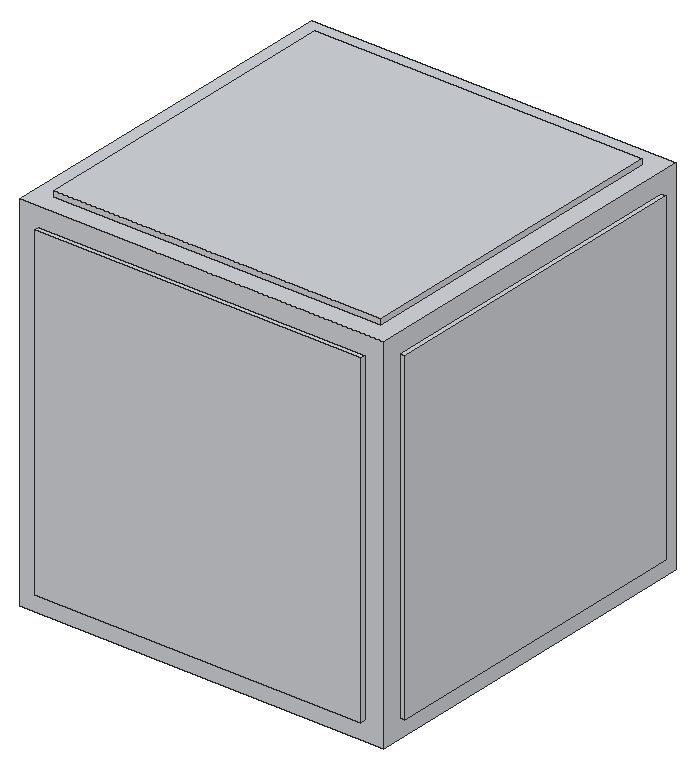
Revit family "Baza_01", category Generic Models, Revit 2026
Family settings
  Can host rebar = No
  Round Connector Dimension = Use Diameter
  Part Type = Undefined
  Always vertical = No
  Cut with Voids When Loaded = No
  Maintain Annotation Orientation = No
  Shared = Yes
  Room Calculation Point = No
Parameters (values of type "1")
  a = 960 mm  # constant formula
  Vis_Face_6 = yes
  Vis_Face_5 = yes
  Vis_Face_4 = yes
  Vis_Face_3 = yes
  Vis_Face_2 = yes
  Vis_Face_1 = yes
  Material_Face_6 = none
  Material_Face_5 = none
  Material_Face_4 = none
  Material_Face_3 = none
  Material_Face_2 = none
  Material_Face_1 = none
  Face_Thickness = 0 mm
  Default Elevation = 0 mm
  Cubelet_Type = ""
  Cube_Size_Z = 0 mm
  Cube_Size_Y = 0 mm
  Cube_Size_X = 0 mm
  Cube_Description = ""
Reference planes
  plane 1 "Center (Front/Back)": y = 0
  plane 2 "Center (Left/Right)": x = 0
Dimensions and locks
  aligned and locked: nested 1 to plane 1 "Center (Front/Back)"
  aligned and locked: plane 2 "Center (Left/Right)" to nested 1
Nested families
  nested 1: "Kostka_01" at (0, 0, 0), type "Typ_01"
    with a_okladzina 860 mm, a 960 mm
Definition of nested family "Kostka_01"
  Parameters (values of type "Typ_01")
    h_okladzina = 15 mm
    a_okladzina = a - 100 mm  # 850 mm
    a = 950 mm
    Vis_Face_6 = yes
    Vis_Face_5 = yes
    Vis_Face_4 = yes
    Vis_Face_3 = yes
    Vis_Face_2 = yes
    Vis_Face_1 = yes
    Material_Face_6 = none
    Material_Face_5 = none
    Material_Face_4 = none
    Material_Face_3 = none
    Material_Face_2 = none
    Material_Face_1 = none
    Face_Thickness = 0 mm
    Default Elevation = 0 mm
    Cubelet_Type = ""
    Cube_Size_Z = 0 mm
    Cube_Size_Y = 0 mm
    Cube_Size_X = 0 mm
    Cube_Description = ""
  Reference planes
    plane 1 "Center (Front/Back)": y = 0
    plane 2: z = 0
    plane 3 "Center (Left/Right)": x = 0
    plane 4: x = -475
    plane 5: x = 475
    plane 6: y = 475
    plane 7: y = -475
    plane 8: z = 475
    plane 9: z = -475
  Forms (mm)
    Extrusion 1, solid
      sketch origin (0, 0, 0) x (1, 0, 0) y (0, 1, 0)
        loop
          line (-475, 475) -> (-475, -475) -> (475, -475) -> (475, 475) -> (-475, 475)
      from -475 to 475
  Dimensions and locks
    equal spacing: plane 4, plane 3 "Center (Left/Right)", plane 5
    equal spacing: plane 6, plane 1 "Center (Front/Back)", plane 7
    "a": plane 4 to plane 5
    "a": plane 6 to plane 7
    equal spacing: plane 8, level, plane 9
    "a": plane 8 to plane 9
    aligned and locked: level to plane 2
    aligned and locked: Extrusion 1 sketch curve to plane 5
    aligned and locked: Extrusion 1 sketch curve to plane 6
    aligned and locked: plane 4 to Extrusion 1 sketch curve
    aligned and locked: plane 7 to Extrusion 1 sketch curve
    aligned and locked: plane 8 to Extrusion 1
    aligned and locked: Extrusion 1 to plane 9
    aligned and locked: nested 1 to level
    aligned and locked: nested 5 to level
    aligned and locked: plane 1 "Center (Front/Back)" to nested 6
    aligned and locked: nested 3 to plane 1 "Center (Front/Back)"
    aligned and locked: nested 2 to plane 1 "Center (Front/Back)"
    aligned and locked: nested 2 to level
    aligned and locked: plane 1 "Center (Front/Back)" to nested 4
    aligned and locked: nested 4 to level
    aligned and locked: nested 5 to plane 3 "Center (Left/Right)"
    aligned and locked: nested 1 to plane 3 "Center (Left/Right)"
    aligned and locked: nested 3 to plane 3 "Center (Left/Right)"
    aligned and locked: nested 6 to plane 3 "Center (Left/Right)"
  Nested families
    nested 1: "Family3" at (0, -475, 0) x (1, 0, 0) z (0, -1, 0), visible <- "Vis_Face_2", type "Y-"
      with h 15 mm, a 850 mm
    nested 2: "Family3" at (475, 0, 0) x (0, 1, 0) z (1, 0, 0), visible <- "Vis_Face_4", type "X+"
      with h 15 mm, a 850 mm
    nested 3: "Family3" at (0, 0, 475) x (-1, 0, 0) z (0, 0, 1), visible <- "Vis_Face_5", type "Z+"
      with h 15 mm, a 850 mm
    nested 4: "Family3" at (-475, 0, 0) x (0, -1, 0) z (-1, 0, 0), visible <- "Vis_Face_3", type "X-"
      with h 15 mm, a 850 mm
    nested 5: "Family3" at (0, 475, 0) x (-1, 0, 0) z (0, 1, 0), visible <- "Vis_Face_1", type "Y+"
      with h 15 mm, a 850 mm
    nested 6: "Family3" at (0, 0, -475) x (-1, 0, 0) z (0, 0, -1), visible <- "Vis_Face_6", type "Z-"
      with h 15 mm, a 850 mm
  Definition of nested family "Family3"
    Parameters (values of type "Family3")
      h = 621.895 mm
      a = 80 mm
      Mat_01 = none
      Default Elevation = 1219.2 mm
    Reference planes
      plane 1 "Center (Front/Back)": y = 0
      plane 2: z = 0
      plane 3 "Center (Left/Right)": x = 0
      plane 4: x = -40
      plane 5: y = 40
      plane 6: x = 40
      plane 7: y = -40
      plane 8: z = 621.895
    Forms (mm)
      Extrusion 1, solid
        sketch origin (0, 0, 0) x (1, 0, 0) y (0, 1, 0)
          loop
            line (-1219.2, 1219.2) -> (-1219.2, -1219.2) -> (1219.2, -1219.2) -> (1219.2, 1219.2) -> (-1219.2, 1219.2)
        from 0 to -304.8
      Extrusion 2, solid, material <- "Mat_01"
        sketch origin (0, 0, 0) x (1, 0, 0) y (0, 1, 0)
          loop
            line (-40, 40) -> (-40, -40) -> (40, -40) -> (40, 40) -> (-40, 40)
        from 0 to 621.895
    Dimensions and locks
      equal spacing: plane 4, plane 3 "Center (Left/Right)", plane 6
      equal spacing: plane 5, plane 1 "Center (Front/Back)", plane 7
      "a": plane 4 to plane 6
      "a": plane 5 to plane 7
      "h": plane 8 to level
      aligned and locked: plane 2 to Extrusion 1
      aligned and locked: level to Extrusion 1
      aligned and locked: Extrusion 2 to level
      aligned and locked: Extrusion 2 to plane 4
      aligned and locked: plane 5 to Extrusion 2
      aligned and locked: plane 6 to Extrusion 2
      aligned and locked: plane 7 to Extrusion 2
      aligned and locked: plane 8 to Extrusion 2
    Automatic sketch dimensions
      Extrusion 1 sketch curve to Extrusion 1 sketch curve = 2438.4 mm  (x2)
      Extrusion 2 sketch curve to plane 7 = 0 mm
      Extrusion 2 sketch curve to plane 3 "Center (Left/Right)" = 40 mm
      Extrusion 2 sketch curve to plane 6 = 0 mm
      Extrusion 2 sketch curve to plane 5 = 0 mm
